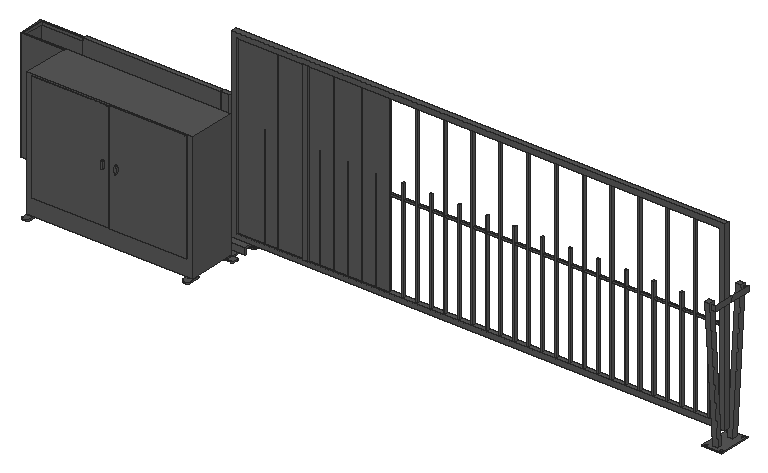
Revit family "11Construction_Fences-&-Traffic-Security_AutoGate_Islander-Pivot-Gates", category Specialty Equipment, Revit 2023
Family settings
  Round Connector Dimension = Use Diameter
  Part Type = Normal
  OmniClass Number = 23.25.40.21.21
  OmniClass Title = Gates
  Work Plane-Based = Yes
  Enable Cutting in Views = Yes
  Always vertical = Yes
  Cut with Voids When Loaded = No
  Maintain Annotation Orientation = No
  Shared = No
  Room Calculation Point = No
Parameters (values of type "Islander VPG with Finials")
  z_York Pad Clearance [instance] = and(Concrete Pad Min. Clearance, or(Yoke Option = 5, Yoke Option = 6, Yoke Option = 7))  # yes
  z_Yoke Pad 2 [instance] = if(Yoke Option = 5, 9.500", 5.500")  # 5.500"
  z_Yoke Pad 1 [instance] = if(Yoke Option = 5, 3.500", 7.500")  # 7.500"
  z_Vertical Profile Position [instance] = 6.250" + 2.000" * 6.5 + 2 * z_Distance Between Poles  # 28.8125"
  z_Type Index = 1
  z_Pole Height [instance] = Height - 7.000" - 2.000"  # 71.000"
  z_Distance Between Poles [instance] = (Length - 6.250" - 13.250" - 6.500" * (z_No of Poles - 1)) / (z_No of Poles - 1)  # 4.78125"
  z_No of Poles [instance] = roundup((Length - 6.250" - 13.250") / 11.500") + 1  # 17
  z_Mesh End Position [instance] = 6.250" + 5.000" * 6.5 + 5 * z_Distance Between Poles + 0.750"  # 63.40625"
  Yoke Options Note [instance] = "Hover over to see Yoke Options!\r\n0-None\r\n1-Style A – Post Mounted\r\n2-Style B – Post Mounted\r\n3-Style C – Offset Wall or Post Mounted\r\n4-Style D – Wall or Post Mounted\r\n5-Style DA5 – Pad Mounted\r\n6-Style E – Standard Pad Monted\r\n7-Style F – Gate Perpendicular to Wall\r\n8-Style G – Buried in the Ground\r\n9-Style H – Offset Wall or Post Mount \r\n10-Style Dual Split – Primary Reference – Used on 8” Plus Primary/Secondary Setups\r\n11-Style Dual Split – Secondary Reference – Used on 8” Plus Primary/Secondary Setups\r\n12-Style Dual Center – Used on shorter Primary/Secondary Setups"  # constant formula
  Yoke Option [instance] = 6
  Yoke Material [instance] = AutoGate - Steel - Powder Coated - Black
  Yoke [instance] = if(Yoke Option = 1, "Style A", if(Yoke Option = 2, "Style B", if(Yoke Option = 3, "Style C", if(Yoke Option = 4, "Style D", if(Yoke Option = 5, "Style DA5", if(Yoke Option = 6, "Style E", if(Yoke Option = 7, "Style F", if(Yoke Option = 8, "Style G", if(Yoke Option = 9, "Style H", if(Yoke Option = 10, "Style Dual Split - Primary Reference", if(Yoke Option = 11, "Style Dual Split - Secondary Reference", if(Yoke Option = 12, "Style Dual Center", "None"))))))))))))  # "Style E"
  Voltage [instance] = if([240VAC 1PH 20Amp], 240 V, 120 V)  # 120 V
  Version = 1  # constant formula
  URL = "https://www.autogate.com/"
  Righthand Gate [instance] = not(Lefthand Gate)  # no
  Rated Load Current [instance] = 20 A
  Product data url = "https://www.bimobject.com/en/autogate/product/islander-pivot-gates"
  Product Page URL = "https://www.autogate.com/vertical-pivot-gates/"
  Product Documentation Link = "https://www.itwredhead.com/portals/0/fmproductcatalog/documents/products/39/trubolttechnicaldata.pdf"
  Power Option [instance] = if([240VAC 1PH 20Amp], "240VAC 1PH 20Amp", "120VAC 1PH 20Amp")  # "120VAC 1PH 20Amp"
  Power Factor [instance] = 1
  Operator to Yoke Length [instance] = Length - 2.000" - 2.400"  # 195.600"
  Number of Poles [instance] = 1  # constant formula
  Model = if(z_Type Index = 2, "Islander - VPG w/o Finials", "Islander - VPG with Finials")  # "Islander - VPG with Finials"
  Lefthand Gate [instance] = yes
  Keynote = "323100"  # constant formula
  Installation instructions = "https://www.itwredhead.com/portals/0/fmproductcatalog/documents/products/95/truboltsubmittal-1.pdf"
  Geometry Note [instance] = "Geometry is generic and used for presentation only. User should contact MFR to create geometry as per wishes and local standards. User should also consult factory for gates over 8’ high as they require special crating and freight arrangements."  # constant formula
  Gate Operator Side Note [instance] = "Hover over to see Gate Operator Side Options!\r\nOptions are:\r\n - Lefthand\r\n - Righthand\r\nPlease Select correct option based on specific situation, for every instance in the project.\r\nHave in mind that left/right side is always defined looking from the Private Side of the gate.\r\nOperator maintenance doors are away in the Private Side."  # constant formula
  Operator Type [instance] = if(Lefthand Gate, "Lefthand VPG2490", "Righthand VPG2490")  # "Lefthand VPG2490"
  Operator Material [instance] = AutoGate - Steel - Powder Coated - Black
  Min Gate Length [instance] = 120.000"  # constant formula
  Min Gate Height [instance] = 48.000"  # constant formula
  Max Gate Length [instance] = 300.000"  # constant formula
  Max Gate Height [instance] = 96.000"  # constant formula
  Length Input [instance] = 200.000"
  Length [instance] = if(Length Input < Min Gate Length, Min Gate Length, if(Length Input > Max Gate Length, Max Gate Length, Length Input))  # 200.000"
  Height Input [instance] = 80.000"
  Height [instance] = if(Height Input < Min Gate Height, Min Gate Height, if(Height Input > Max Gate Height, Max Gate Height, Height Input))  # 80.000"
  Gate Material [instance] = AutoGate - Steel - Powder Coated - Black
  Manufacturer = "AutoGate"  # constant formula
  Fence Post OD Input [instance] = 0.000"
  Fence Post OD [instance] = if(or(Yoke Option = 1, Yoke Option = 2), Fence Post OD Input, 0.000")  # 0.000"
  Description = "Islander Vertcal Pivot Gate"  # constant formula
  Default Elevation = 0.000"
  Date Updated = "-"  # constant formula
  Date Created = "2025/09/15"  # constant formula
  Concrete Pad Min. Clearance [instance] = yes
  Barrier Screen Material [instance] = AutoGate - Steel Screen - Powder Coated - Black
  Assembly Code = "G2040100"
  Apparent Load [instance] = 0 VA
  240VAC 1PH 20Amp [instance] = no
  120VAC 1PH 20Amp [instance] = not([240VAC 1PH 20Amp])  # yes
Reference planes (in)
  plane 1 "Center (Front/Back)": y = 0
  plane 2: z = 0
  plane 3 "Center (Left/Right)": x = 0
  plane 4: x = -100
  plane 5: x = 100
  plane 6: z = 5
  plane 7: x = -71.1875
  plane 8: x = 98.625
  plane 9 "delete": z = 90
  plane 10: x = -36.59375
  plane 11: z = -36
  plane 12: y = 9
  plane 13: y = -9
  plane 14: x = 105.5
  plane 15: x = 92.5
  plane 16: y = 9.474
  plane 17: x = -173.5925
  plane 18: x = -91.5925
  plane 19: y = -38.526
  plane 20: z = 80
  plane 21: z = 7
  plane 22: z = 78
  plane 23: z = 42.5
  plane 24: x = -93.75
  plane 25: x = 86.75
Forms (in)
  Sweep 1, solid, material "AutoGate - Steel - Powder Coated - Black" <- "Gate Material", detail levels medium+fine
    path origin (0, 0, 0) x (1, 0, 0) y (0, 0, 1)
      loop
        line (-71.1875, 78) -> (-71.1875, 7)
    profile origin (-71.1875, 0, 42.5) x (0, -1, 0) y (1, 0, 0)
      loop
        line (-1, 2) -> (-1, 0) -> (1, 0) -> (1, 2) -> (-1, 2)
  Sweep 2, solid, material "AutoGate - Steel - Powder Coated - Black" <- "Gate Material"
    path origin (-106.3001, 0.375, 48) x (-1, 0, 0) y (0, 0, 1)
      loop
        line (-6.3001, 32) -> (-206.3001, 32) -> (-206.3001, -43) -> (-6.3001, -43) -> (-6.3001, 32)
    profile origin (0, 0.375, 80) x (0, 0, -1) y (0, 1, 0)
      loop
        line (0, -1.375) -> (2, -1.375) -> (2, 0.625) -> (0, 0.625) -> (0, -1.375)
  Extrusion 3, solid, material "AutoGate - Steel Screen - Powder Coated - Black" <- "Barrier Screen Material", detail levels medium+fine
    sketch origin (-117.28053, -180, -36) x (-1, 0, 0) y (0, -1, 0)
      loop
        line (-19.28053, -179.625) -> (-19.28053, -179.525) -> (-80.68678, -179.525) -> (-80.68678, -179.625) -> (-19.28053, -179.625)
    from 43 to 114
  Extrusion 4, solid, material "AutoGate - Steel - Powder Coated - Black" <- "Gate Material", detail levels coarse
    sketch origin (-106.3001, 0.375, 48) x (-1, 0, 0) y (0, 0, 1)
      loop
        line (-8.6801, 30) -> (-203.9201, 30) -> (-203.9201, -41) -> (-8.6801, -41) -> (-8.6801, 30)
    from -0.75 to 0
  Sweep 5, solid, material "AutoGate - Steel - Powder Coated - Black" <- "Gate Material", detail levels medium+fine
    path origin (-106.3001, 0.375, 48) x (-1, 0, 0) y (0, 0, 1)
      loop
        line (-204.3001, -5.5) -> (-8.3001, -5.5)
    profile origin (0, 0.375, 42.5) x (0, 0, 1) y (0, 1, 0)
      loop
        line (0.375, -0.75) -> (0.375, 0) -> (-0.375, 0) -> (-0.375, -0.75) -> (0.375, -0.75)
Lines and regions (in)
  Masking region 1
    outline origin (-116.90053, -180, -36) x (-1, 0, 0) y (0, -1, 0)
      loop
        line (-16.90053, -181) -> (-16.90053, -179) -> (-216.90053, -179) -> (-216.90053, -181) -> (-16.90053, -181)
  model lines, style "AutoGate_Concrete Pad Clearance", visible <- "z_York Pad Clearance"
    curve 1: line (105.5, 9, 0) -> (92.5, 9, 0)
    curve 2: line (105.5, -9, 0) -> (105.5, 9, 0)
    curve 3: line (92.5, -9, 0) -> (105.5, -9, 0)
    curve 4: line (92.5, 9, 0) -> (92.5, -9, 0)
    curve 13: line (105.5, 9, -36) -> (92.5, 9, -36)
    curve 14: line (92.5, 9, -36) -> (92.5, -9, -36)
    curve 15: line (92.5, -9, -36) -> (105.5, -9, -36)
    curve 16: line (105.5, -9, -36) -> (105.5, 9, -36)
    curve 21: line (92.5, 9, 0) -> (92.5, 9, -36)
    curve 22: line (92.5, -9, -36) -> (92.5, -9, 0)
    curve 23: line (105.5, 9, 0) -> (105.5, 9, -36)
    curve 24: line (105.5, -9, -36) -> (105.5, -9, 0)
  model lines, style "AutoGate_Concrete Pad Clearance", visible <- "Concrete Pad Min. Clearance"
    curve 5: line (-91.5925, 9.474, 0) -> (-173.5925, 9.474, 0)
    curve 6: line (-173.5925, -38.526, 0) -> (-173.5925, 9.474, 0)
    curve 7: line (-91.5925, -38.526, 0) -> (-173.5925, -38.526, 0)
    curve 8: line (-91.5925, 9.474, 0) -> (-91.5925, -38.526, 0)
    curve 9: line (-91.5925, 9.474, -36) -> (-173.5925, 9.474, -36)
    curve 10: line (-173.5925, -38.526, -36) -> (-173.5925, 9.474, -36)
    curve 11: line (-91.5925, -38.526, -36) -> (-173.5925, -38.526, -36)
    curve 12: line (-91.5925, 9.474, -36) -> (-91.5925, -38.526, -36)
    curve 17: line (-173.5925, 9.474, 0) -> (-173.5925, 9.474, -36)
    curve 18: line (-173.5925, -38.526, 0) -> (-173.5925, -38.526, -36)
    curve 19: line (-91.5925, -38.526, 0) -> (-91.5925, -38.526, -36)
    curve 20: line (-91.5925, 9.474, 0) -> (-91.5925, 9.474, -36)
Dimensions and locks (in)
  equal spacing: plane 5, plane 3 "Center (Left/Right)", plane 4
  "Length": plane 5 to plane 4
  locked: plane 6 to plane 2 at 5
  locked: Sweep 1 sketch curve to plane 6 at 2
  locked: plane 5 to plane 8 at 1.375
  "z_Vertical Profile Position": plane 7 to plane 4
  "z_Mesh End Position": plane 4 to plane 10
  locked: plane 4 to nested 2 at 2.3125
  locked: nested 2 to plane 1 "Center (Front/Back)" at 0.021
  nested 2 to nested 2 = 17.500"
  plane 2 to plane 11 = 36.000"
  locked: plane 16 to nested 2 at 3
  locked: plane 19 to plane 16 at 48
  locked: plane 17 to plane 18 at 82
  locked: plane 4 to plane 18 at 8.4075
  "z_Yoke Pad 1": plane 15 to plane 5
  "z_Yoke Pad 2": plane 5 to plane 14
  curve 3 to plane 1 "Center (Front/Back)" to curve 1 = 9.000" locked, 9.000" locked
  "Height": plane 20 to plane 2
  locked: Extrusion 3 to plane 4 at 2
  locked: Extrusion 4 sketch curve to plane 4 at 2.38
  locked: plane 5 to Extrusion 4 sketch curve at 2.38
  Extrusion 4 to plane 1 "Center (Front/Back)" to Extrusion 4 = 0.375" locked, 0.375" locked
  "z_Pole Height": plane 22 to plane 21
  locked: plane 20 to Sweep 1 sketch curve at 2
  locked: plane 1 "Center (Front/Back)" to Extrusion 3 sketch curve at 0.475
  locked: plane 21 to plane 2 at 7
  locked: plane 24 to plane 4 at 6.25
  locked: plane 5 to plane 25 at 13.25
  equal spacing: plane 20, plane 23, plane 6
  locked: Sweep 5 sketch curve to plane 4 at 2
  locked: plane 5 to Sweep 5 sketch curve at 2
  equal spacing: group 1, group 3, group 4, group 5, group 6, group 7, group 8, group 9, group 10, group 11, group 12, group 13, group 14, group 15, group 16, group 17, group 2  (x3)
  locked: plane 4 to Extrusion 3 at 2
  aligned and locked: level to plane 2
  aligned and locked: plane 7 to Sweep 1 sketch curve
  aligned and locked: plane 1 "Center (Front/Back)" to nested 1
  aligned and locked: nested 1 to plane 5
  aligned and locked: nested 1 to plane 2
  aligned and locked: plane 2 to nested 2
  aligned and locked: curve 2 to plane 14
  aligned and locked: curve 4 to plane 15
  aligned and locked: curve 5 to plane 16
  aligned and locked: curve 6 to plane 17
  aligned and locked: curve 7 to plane 19
  aligned and locked: curve 8 to plane 18
  aligned and locked: curve 9 to curve 5
  aligned and locked: curve 10 to plane 17
  aligned and locked: curve 11 to plane 19
  aligned and locked: curve 12 to plane 18
  aligned and locked: curve 13 to curve 1
  aligned and locked: curve 14 to curve 4
  aligned and locked: curve 15 to curve 3
  aligned and locked: curve 16 to curve 2
  aligned and locked: curve 17 to plane 16
  aligned and locked: curve 18 to plane 19
  aligned and locked: plane 19 to curve 19
  aligned and locked: plane 16 to curve 20
  aligned and locked: plane 12 to curve 21
  aligned and locked: curve 22 to plane 13
  aligned and locked: curve 23 to plane 12
  aligned and locked: curve 24 to plane 13
  aligned and locked: plane 4 to Sweep 2 sketch curve
  aligned and locked: Sweep 2 sketch curve to plane 20
  aligned and locked: Sweep 2 sketch curve to plane 6
  aligned and locked: Sweep 2 sketch curve to plane 5
  aligned and locked: plane 22 to Extrusion 4 sketch curve
  aligned and locked: Extrusion 4 sketch curve to plane 21
  aligned and locked: plane 10 to Extrusion 3  (x2)
  aligned and locked: plane 21 to Extrusion 3
  aligned and locked: Extrusion 3 to plane 22
  aligned and locked: plane 1 "Center (Front/Back)" to nested 3
  aligned and locked: nested 3 to plane 21
  aligned and locked: plane 23 to Sweep 5 sketch curve
  aligned and locked: nested 3 to plane 24
  aligned and locked: plane 25 to nested 4
  aligned and locked: nested 4 to plane 21
  aligned and locked: Masking region 1 sketch curve to plane 4
  aligned and locked: Masking region 1 sketch curve to plane 5
Automatic sketch dimensions
  Sweep 1 sketch curve to profile plane = 2.000"
  Sweep 1 sketch curve to plane 1 "Center (Front/Back)" = 1.000"
  plane 1 "Center (Front/Back)" to Sweep 1 sketch curve = 1.000"
  Sweep 1 sketch curve to Sweep 1 sketch curve = 2.000"
  curve 17 to plane 11 = 0.000"
  curve 18 to plane 11 = 0.000"
  curve 18 to level = 0.000"
  curve 17 to level = 0.000"
  curve 19 to plane 11 = 0.000"
  curve 20 to plane 11 = 0.000"
  curve 20 to level = 0.000"
  curve 19 to level = 0.000"
  curve 21 to plane 11 = 0.000"
  curve 22 to plane 11 = 0.000"
  curve 22 to level = 0.000"
  curve 21 to level = 0.000"
  curve 23 to plane 11 = 0.000"
  curve 24 to plane 11 = 0.000"
  curve 24 to level = 0.000"
  curve 23 to level = 0.000"
  Extrusion 3 sketch curve to plane 10 = 0.000"
  plane 1 "Center (Front/Back)" to Extrusion 3 sketch curve = 0.375"
  Sweep 2 sketch curve to profile plane = 0.000"
  Sweep 2 sketch curve to profile plane = 2.000"
  Sweep 2 sketch curve to profile plane = 1.375"
  profile plane to Sweep 2 sketch curve = 0.625"
  plane 4 to Extrusion 3 sketch curve = 2.000"
  profile plane to Sweep 5 sketch curve = 0.375"
  Sweep 5 sketch curve to Sweep 5 sketch curve = 0.750"  (x2)
  Sweep 5 sketch curve to profile plane = 0.750"
  Masking region 1 sketch curve to plane 1 "Center (Front/Back)" = 1.000"
  plane 1 "Center (Front/Back)" to Masking region 1 sketch curve = 1.000"
Nested families (in)
  nested 1: "Yoke" at (100, 0, 0), Fence Post O.D. Input <- "Fence Post OD", type "Yoke"
    with Halfback Out Dia 6.250", Halfback Offset 3.000", Halfback Length B 8.094", Halfback Length A 7.500", Halfback Dia 6.000", Fence Post O.D. Input 0.000", Fence Height 80.000"
  nested 2: "Gate Operator" at (-97.5925, -23.956, 0), type "Gate Operator"
  nested 3: "Poles" at (-93.75, 0, 7), type "Poles", detail levels medium+fine
    with Height 2 41.500", Height 71.000"
  nested 4: "Poles" at (86.75, 0, 7), type "Poles", detail levels medium+fine
    with Height 2 41.500", Height 71.000"
  nested 5: "Poles" at (-82.46875, 0, 7), type "Poles", detail levels medium+fine
    with Height 2 41.500", Height 71.000"
  nested 6: "Poles" at (-71.1875, 0, 7), type "Poles", detail levels medium+fine
    with Height 2 41.500", Height 71.000"
  nested 7: "Poles" at (-59.90625, 0, 7), type "Poles", detail levels medium+fine
    with Height 2 41.500", Height 71.000"
  nested 8: "Poles" at (-48.625, 0, 7), type "Poles", detail levels medium+fine
    with Height 2 41.500", Height 71.000"
  nested 9: "Poles" at (-37.34375, 0, 7), type "Poles", detail levels medium+fine
    with Height 2 41.500", Height 71.000"
  nested 10: "Poles" at (-26.0625, 0, 7), type "Poles", detail levels medium+fine
    with Height 2 41.500", Height 71.000"
  nested 11: "Poles" at (-14.78125, 0, 7), type "Poles", detail levels medium+fine
    with Height 2 41.500", Height 71.000"
  nested 12: "Poles" at (-3.5, 0, 7), type "Poles", detail levels medium+fine
    with Height 2 41.500", Height 71.000"
  nested 13: "Poles" at (7.78125, 0, 7), type "Poles", detail levels medium+fine
    with Height 2 41.500", Height 71.000"
  nested 14: "Poles" at (19.0625, 0, 7), type "Poles", detail levels medium+fine
    with Height 2 41.500", Height 71.000"
  nested 15: "Poles" at (30.34375, 0, 7), type "Poles", detail levels medium+fine
    with Height 2 41.500", Height 71.000"
  nested 16: "Poles" at (41.625, 0, 7), type "Poles", detail levels medium+fine
    with Height 2 41.500", Height 71.000"
  nested 17: "Poles" at (52.90625, 0, 7), type "Poles", detail levels medium+fine
    with Height 2 41.500", Height 71.000"
  nested 18: "Poles" at (64.1875, 0, 7), type "Poles", detail levels medium+fine
    with Height 2 41.500", Height 71.000"
  nested 19: "Poles" at (75.46875, 0, 7), type "Poles", detail levels medium+fine
    with Height 2 41.500", Height 71.000"
Connectors (in)
  electrical at (-164.7675, -14.206, 26.4637), driven by "Number of Poles", driven by "Voltage", driven by "Power Factor", driven by "Apparent Load"
    settings: on nested 2, index 1, voltage 120 V, apparent load 0 VA, apparent load phase1 0 VA, apparent load phase2 0 VA, apparent load phase3 0 VA, power factor 1, load classification "Power", number of poles 1, system type 31, power factor state 1, is connector primary yes, connector utility no, sub classification motor no, connector description "Power"
Definition of nested family "Yoke"
  Parameters (values of type "Yoke")
    Void Bottom G = if(Type_Index = 8, 0.000", 3.000")  # 3.000"
    Void E_F_G = if(or(Type_Index = 6, Type_Index = 7, Type_Index = 8, Type_Index = 6), 0.250", 0.000")  # 0.250"
    Void DA5 = if(Type_Index = 5, 0.250", 0.000")  # 0.000"
    Void D = if(Type_Index = 4, 2.500", 1.000")  # 1.000"
    Void Bottom = if(or(Type_Index = 6, Type_Index = 7, Type_Index = 8), 4.000", if(Type_Index = 8, 2.000", 0.000"))  # 4.000"
    Top Br Offset B_F = if(Type_Index = 7, 5.131", 5.250")  # 5.250"
    Top Br B_F = if(or(Type_Index = 2, Type_Index = 7), 1 = 1, 1 = 0)  # no
    Top Br A_D_DA5_E_G = if(or(Type_Index = 1, Type_Index = 4, Type_Index = 5, Type_Index = 6, Type_Index = 8), 1 = 1, 1 = 0)  # yes
    Post R-F = if(Type_Index = 7, 1 = 1, 1 = 0)  # no
    Post R = if(or(Type_Index = 1, Type_Index = 4, Type_Index = 5, Type_Index = 6, Type_Index = 8), 1 = 1, 1 = 0)  # yes
    Halfback Out Dia [instance] = if(A, Halfback Dia + 0.220", Halfback Dia + 0.250")  # 6.250"
    H = if(Type_Index = 9, 1 = 1, 1 = 0)  # no
    Post L = if(or(Type_Index = 0, Type_Index = 10, Type_Index > 9), 1 = 0, 1 = 1)  # yes
    Halfback Length B [instance] = Halfback Dia + 2.094"  # 8.094"
    Halfback Length A [instance] = Halfback Dia + 1.500"  # 7.500"
    G = if(Type_Index = 8, 1 = 1, 1 = 0)  # no
    F = if(Type_Index = 7, 1 = 1, 1 = 0)  # no
    E = if(Type_Index = 6, 1 = 1, 1 = 0)  # yes
    DS_P = if(Type_Index = 11, 1 = 1, 1 = 0)  # no
    DS_S = if(Type_Index = 10, 1 = 1, 1 = 0)  # no
    DC_DS = or(DS_S, DC, DS_P)  # no
    DC = if(Type_Index = 12, 1 = 1, 1 = 0)  # no
    B = if(Type_Index = 2, 1 = 1, 1 = 0)  # no
    Halfback Offset [instance] = Halfback Dia / 2  # 3.000"
    A = if(Type_Index = 1, 1 = 1, 1 = 0)  # no
    DA5 = if(Type_Index = 5, 1 = 1, 1 = 0)  # no
    Bottom Plate Offset = if(Type_Index = 5, 1.000", if(or(Type_Index = 6, Type_Index = 7), 5.000", 0.000"))  # 5.000"
    Bottom Plate = if(or(Type_Index = 5, Type_Index = 6, Type_Index = 7), 1 = 1, 1 = 0)  # yes
    C = if(Type_Index = 3, 1 = 1, 1 = 0)  # no
    Bottom Br A_D_DA5 = if(or(Type_Index = 1, Type_Index = 4, Type_Index = 5), 1 = 1, 1 = 0)  # no
    Halfback Dia [instance] = if(and(A, Fence Post O.D. Input < 2.000"), 2.000", if(and(A, Fence Post O.D. Input > 8.000"), 8.000", if(A, Fence Post O.D. Input, if(and(B, Fence Post O.D. Input < 2.000"), 2.020", if(and(B, Fence Post O.D. Input > 8.000"), 8.020", if(B, Fence Post O.D. Input + 0.020", 6.000"))))))  # 6.000"
    Type_Index = 6
    Material = none
    Fence Post O.D. Input [instance] = 0.000"
    Fence Height = 84.000"
    Default Elevation = 0.000"
  Reference planes (in)
    plane 1 "Center (Front/Back)": y = 0
    plane 2: z = 0
    plane 3 "Center (Left/Right)": x = 0
    plane 4: z = 54.5
    plane 5: x = -2
    plane 6: z = 0.25
    plane 7: x = -4
    plane 8: x = -6
    plane 9: z = 54
    plane 10: z = 52
    plane 11: y = -8.25
    plane 12: y = 8.25
    plane 13: x = 2
    plane 14: z = 9
    plane 15: z = 11
    plane 16: y = -5.25
    plane 17: y = 5.25
    plane 18: x = 5
    plane 19: y = 3.75
    plane 20: y = -3.75
    plane 21: z = 54.125
    plane 22: z = 51.875
    plane 23: z = 11.125
    plane 24: z = 8.875
    plane 25: y = -4.949
    plane 26: x = 1.5
    plane 27: x = 1.75
    plane 28: y = 8.25
    plane 29: x = 4.047
    plane 30: x = -4.047
    plane 31: x = 1
    plane 32: x = 2
    plane 33: x = 4
    plane 34: x = 2.875
    plane 35: x = 3.125
    plane 36: z = 0
    plane 37: z = -0.25
    plane 38: x = -5
    plane 39: z = 0.25
    plane 40: z = 0
    plane 41: z = 0.5
    plane 42: x = -3
    plane 43: x = -5
    plane 44: z = -36
    plane 45: z = 5
    plane 46: z = 44.5
    plane 47: z = 84
    plane 48: z = 35.69506
    plane 49: z = 33.29506
    plane 50: z = 53.30494
    plane 51: z = 55.70494
    plane 52: z = 62.5
    plane 53: z = 26.5
    plane 54: z = 12.875
    plane 55: z = 76.125
  Forms (in)
    Extrusion 1, solid, material <- "Material", visible <- "Post L"
      sketch origin (0, 0, 0) x (0, 1, 0) y (0, 0, 1)
        loop
          line (-6.73765, 54.5) -> (-8.73277, 54.36049) -> (-4.949, 0.25) -> (-2.94412, 0.25) -> (-6.73765, 54.5)
      from -2 to 0
    Extrusion 2, solid, material <- "Material", visible <- "Post R"
      sketch origin (0, 0, 0) x (0, -1, 0) y (0, 0, -1)
        loop
          line (-6.73808, -54.5) -> (-2.94455, -0.25) -> (-4.94944, -0.25) -> (-8.73321, -54.36049) -> (-6.73808, -54.5)
      from -2 to 0
    Extrusion 3, void
      sketch origin (0, 0, 0) x (0, 1, 0) y (0, 0, 1)
        loop
          line (-3.28646, 5.13951) -> (-5.28159, 5) -> (-5.28159, 0) -> (5.28159, 0) -> (5.28159, 5) -> (3.28646, 5.13951) -> (-3.28646, 5.13951)
      from -4 to -6
    Extrusion 4, solid, material <- "Material", visible <- "Top Br A_D_DA5_E_G"
      sketch origin (0, 0, 0) x (1, 0, 0) y (0, 1, 0)
        loop
          line (0, -8) -> (0, -8.25) -> (2, -8.25) -> (2, 0) -> (2, 8.25) -> (0, 8.25) -> (0, 8) -> (1.75, 8) -> (1.75, 0) -> (1.75, -8) -> (0, -8)
      from 52 to 54
    Extrusion 5, solid, material <- "Material", visible <- "Bottom Br A_D_DA5"
      sketch origin (0, 0, 0) x (1, 0, 0) y (0, 1, 0)
        loop
          line (0, -5) -> (0, -5.25) -> (2, -5.25) -> (2, 0) -> (2, 5.25) -> (0, 5.25) -> (0, 5) -> (1.75, 5) -> (1.75, 0) -> (1.75, -5) -> (0, -5)
      from 9 to 11
    Extrusion 6, solid, material <- "Material", visible <- "A"
      sketch origin (0, 0, 0) x (1, 0, 0) y (0, 1, 0)
        loop
          line (4.72637, 2.9766) -> (4.72637, 3.75) -> (4.63262, 3.75) -> (4.63262, 3.0898)
          arc (4.63262, 3.0898) -> (1.97537, 0) -> (4.63262, -3.0898) r 3.125
          line (4.63262, -3.0898) -> (4.63262, -3.75) -> (4.72637, -3.75) -> (4.72637, -2.9766)
          arc (4.72637, -2.9766) -> (2.10037, 0) -> (4.72637, 2.9766) r 3
        loop
          line (5.27363, -2.9766) -> (5.27363, -3.75) -> (5.36738, -3.75) -> (5.36738, -3.0898)
          arc (5.36738, -3.0898) -> (8.02463, 0) -> (5.36738, 3.0898) r 3.125
          line (5.36738, 3.0898) -> (5.36738, 3.75) -> (5.27363, 3.75) -> (5.27363, 2.9766)
          arc (5.27363, 2.9766) -> (7.89963, 0) -> (5.27363, -2.9766) r 3
      from 51.875 to 54.125
    Extrusion 7, solid, material <- "Material", visible <- "A"
      sketch origin (0, 0, -20) x (1, 0, 0) y (0, 1, 0)
        loop
          line (4.72637, 2.9766) -> (4.72637, 3.75) -> (4.63262, 3.75) -> (4.63262, 3.0898)
          arc (4.63262, 3.0898) -> (1.97537, 0) -> (4.63262, -3.0898) r 3.125
          line (4.63262, -3.0898) -> (4.63262, -3.75) -> (4.72637, -3.75) -> (4.72637, -2.9766)
          arc (4.72637, -2.9766) -> (2.10037, 0) -> (4.72637, 2.9766) r 3
        loop
          line (5.27363, -2.9766) -> (5.27363, -3.75) -> (5.36738, -3.75) -> (5.36738, -3.0898)
          arc (5.36738, -3.0898) -> (8.02463, 0) -> (5.36738, 3.0898) r 3.125
          line (5.36738, 3.0898) -> (5.36738, 3.75) -> (5.27363, 3.75) -> (5.27363, 2.9766)
          arc (5.27363, 2.9766) -> (7.89963, 0) -> (5.27363, -2.9766) r 3
      from 28.875 to 31.125
    Extrusion 8, solid, material <- "Material", visible <- "B"
      sketch origin (0, 0, 0) x (0, 1, 0) y (0, 0, 1)
        loop
          line (-1, 54) -> (-1, 9) -> (1, 9) -> (1, 54) -> (-1, 54)
      from 1.5 to 1.75
    Extrusion 9, solid, material <- "Material", visible <- "Top Br B_F"
      sketch origin (0, 0, 0) x (1, 0, 0) y (0, 1, 0)
        loop
          line (0, -7.24946) -> (2, -7.24946) -> (2, 5.25) -> (0, 5.25) -> (0, 5) -> (1.75, 5) -> (1.75, -6.99946) -> (0, -6.99946) -> (0, -7.24946)
      from 52 to 54
    Extrusion 10, solid, material <- "Material", visible <- "B"
      sketch origin (0, 0, 0) x (1, 0, 0) y (0, 1, 0)
        loop
          line (0, -5.25) -> (2, -5.25) -> (2, 5.25) -> (0, 5.25) -> (0, 5) -> (1.75, 5) -> (1.75, -5) -> (0, -5) -> (0, -5.25)
      from 9 to 11
    Extrusion 11, solid, material <- "Material", visible <- "B"
      sketch origin (0, 0, 0) x (1, 0, 0) y (0, 1, 0)
        loop
          arc (3.06198, 8.74037) -> (0, 11.24094) -> (-3.06198, 8.74037) r 3.125
          line (-3.06198, 8.74037) -> (-4.047, 8.74037) -> (-4.047, 8.61537) -> (-2.95814, 8.61537)
          arc (-2.95814, 8.61537) -> (0, 11.11594) -> (2.95814, 8.61537) r 3
          line (2.95814, 8.61537) -> (4.047, 8.61537) -> (4.047, 8.74037) -> (3.06198, 8.74037)
        loop
          arc (-3.06176, 7.75963) -> (0, 5.26014) -> (3.06176, 7.75963) r 3.125
          line (3.06176, 7.75963) -> (4.047, 7.75963) -> (4.047, 7.88463) -> (2.95795, 7.88463)
          arc (2.95795, 7.88463) -> (0, 5.38514) -> (-2.95795, 7.88463) r 3
          line (-2.95795, 7.88463) -> (-4.047, 7.88463) -> (-4.047, 7.75963) -> (-3.06176, 7.75963)
      from 51.875 to 54.125
    Extrusion 12, solid, material <- "Material", visible <- "B"
      sketch origin (0, 0, 0) x (1, 0, 0) y (0, 1, 0)
        loop
          arc (3.06198, 8.74037) -> (0, 11.24094) -> (-3.06198, 8.74037) r 3.125
          line (-3.06198, 8.74037) -> (-4.047, 8.74037) -> (-4.047, 8.61537) -> (-2.95814, 8.61537)
          arc (-2.95814, 8.61537) -> (0, 11.11594) -> (2.95814, 8.61537) r 3
          line (2.95814, 8.61537) -> (4.047, 8.61537) -> (4.047, 8.74037) -> (3.06198, 8.74037)
        loop
          arc (-3.06176, 7.75963) -> (0, 5.26014) -> (3.06176, 7.75963) r 3.125
          line (3.06176, 7.75963) -> (4.047, 7.75963) -> (4.047, 7.88463) -> (2.95795, 7.88463)
          arc (2.95795, 7.88463) -> (0, 5.38514) -> (-2.95795, 7.88463) r 3
          line (-2.95795, 7.88463) -> (-4.047, 7.88463) -> (-4.047, 7.75963) -> (-3.06176, 7.75963)
      from 8.875 to 11.125
    Extrusion 13, void
      sketch origin (0, 0, 0) x (0, 1, 0) y (0, 0, 1)
        loop
          circle (-0.49956, 53.5) r 0.1405
        loop
          circle (0.50044, 52.5) r 0.1405
        loop
          circle (-0.49956, 10.5) r 0.1405
        loop
          circle (0.50044, 9.5) r 0.1405
      from 0 to 1
    Extrusion 14, solid, material <- "Material", visible <- "DA5"
      sketch origin (0, 0, 0) x (0, 1, 0) y (0, 0, 1)
        loop
          line (-6.73765, 54.5) -> (-8.73277, 54.36049) -> (-5.28115, 5.00003) -> (-3.28603, 5.13954) -> (-6.73765, 54.5)
        loop
          line (6.73765, 54.5) -> (3.28603, 5.13954) -> (5.28115, 5.00003) -> (8.73277, 54.36049) -> (6.73765, 54.5)
      from 2 to 4
    Extrusion 15, solid, material <- "Material", visible <- "DA5"
      sketch origin (0, 0, 0) x (1, 0, 0) y (0, 1, 0)
        loop
          line (2, -8) -> (0.25, -8) -> (0.25, 0) -> (0.25, 8) -> (2, 8) -> (2, 8.25) -> (0, 8.25) -> (0, 0) -> (0, -8.25) -> (2, -8.25) -> (2, -8)
      from 52 to 54
    Extrusion 16, solid, material <- "Material", visible <- "DA5"
      sketch origin (0, 0, 0) x (1, 0, 0) y (0, 1, 0)
        loop
          line (2, -5) -> (0.25, -5) -> (0.25, 0) -> (0.25, 5) -> (2, 5) -> (2, 5.25) -> (0, 5.25) -> (0, 0) -> (0, -5.25) -> (2, -5.25) -> (2, -5)
      from 9 to 11
    Extrusion 17, solid, material <- "Material", visible <- "DA5"
      sketch origin (0, 0, 0) x (1, 0, 0) y (0, 1, 0)
        loop
          arc (2.375, 1.99746) -> (2.10983, 1.88762) -> (2, 1.62246) r 0.375
          line (2, 1.62246) -> (2, -1.62246)
          arc (2, -1.62246) -> (2.10983, -1.88762) -> (2.375, -1.99746) r 0.375
          line (2.375, -1.99746) -> (3.625, -1.99746)
          arc (3.625, -1.99746) -> (3.89017, -1.88762) -> (4, -1.62246) r 0.375
          line (4, -1.62246) -> (4, 1.62246)
          arc (4, 1.62246) -> (3.89017, 1.88762) -> (3.625, 1.99746) r 0.375
          line (3.625, 1.99746) -> (2.375, 1.99746)
      from 0.25 to 54.5
    Extrusion 18, solid, material <- "Material", visible <- "Bottom Plate"
      sketch origin (0, 0, 0) x (1, 0, 0) y (0, 1, 0)
        loop
          line (3, 6.5) -> (-5, 6.5) -> (-5, -6.5) -> (3, -6.5) -> (3, 6.5)
      from 0 to 0.25
    Extrusion 19, solid, material <- "Material", visible <- "DA5"
      sketch origin (0, 0, 0) x (0, 1, 0) y (0, 0, 1)
        loop
          line (-2, 4.5) -> (-4.25, 2.25) -> (-4.25, 0.25) -> (-2, 0.25) -> (-2, 4.5)
        loop
          line (4.25, 0.25) -> (4.25, 2.25) -> (2, 4.5) -> (2, 0.25) -> (4.25, 0.25)
      from 2.875 to 3.125
    Extrusion 20, void
      sketch origin (0, 0, 0) x (1, 0, 0) y (0, 1, 0)
        loop
          circle (0, 0) r 0.3125
        loop
          circle (6, 0) r 0.3125
        loop
          circle (3, 5.5) r 0.3125
        loop
          circle (3, -5.5) r 0.3125
      from -0.25 to 0
    Extrusion 21, void
      sketch origin (0, 0, 0) x (1, 0, 0) y (0, 1, 0)
        loop
          circle (-4, 5.5) r 0.406
        loop
          circle (2, 5.5) r 0.406
        loop
          circle (2, -5.5) r 0.406
        loop
          circle (-4, -5.5) r 0.406
      from 0 to 0.25
    Extrusion 22, solid, material <- "Material", visible <- "Post R-F"
      sketch origin (0, 0, 0) x (0, 1, 0) y (0, 0, 1)
        loop
          line (4.00044, 54.5) -> (4.00044, 0.25) -> (6.00044, 0.25) -> (6.00044, 54.5) -> (4.00044, 54.5)
      from -2 to 0
    Extrusion 23, solid, material <- "Material", visible <- "H"
      sketch origin (0, 0, 0) x (0, 1, 0) y (0, 0, 1)
        loop
          line (4.00044, 54) -> (4.00044, 9) -> (6.00044, 9) -> (6.00044, 54) -> (4.00044, 54)
      from 1.5 to 1.75
    Extrusion 24, solid, material <- "Material", visible <- "H"
      sketch origin (0, 0, 0) x (1, 0, 0) y (0, 1, 0)
        loop
          line (0, -7.25) -> (2, -7.25) -> (2, 9.25) -> (-2.25, 9.25) -> (-2.25, 9) -> (1.75, 9) -> (1.75, -7) -> (0, -7) -> (0, -7.25)
      from 52 to 54
    Extrusion 25, solid, material <- "Material", visible <- "H"
      sketch origin (0, 0, 0) x (1, 0, 0) y (0, 1, 0)
        loop
          line (-2.25, 9) -> (1.75, 9) -> (1.75, -5) -> (0, -5) -> (0, -5.25) -> (2, -5.25) -> (2, 9.25) -> (-2.25, 9.25) -> (-2.25, 9)
      from 9 to 11
    Extrusion 26, void
      sketch origin (0, 0, 0) x (0, 1, 0) y (0, 0, 1)
        loop
          line (-5.25, 0) -> (5.25, 0) -> (5.25, 0.5) -> (-5.25, 0.5) -> (-5.25, 0)
      from -5 to -3
    Extrusion 27, solid, material <- "Material", visible <- "G"
      sketch origin (0, 0, 0) x (0, 1, 0) y (0, 0, 1)
        loop
          line (5.25, 0.5) -> (-5.25, 0.5) -> (-5.25, 0) -> (5.25, 0) -> (5.25, 0.5)
      from -5 to -3
    Extrusion 28, solid, material <- "Material", visible <- "G"
      sketch origin (0, 0, 0) x (1, 0, 0) y (0, 1, 0)
        loop
          line (-5, 1) -> (-5, -1) -> (0, -1) -> (0, 1) -> (-5, 1)
      from -36 to 0
    Extrusion 29, solid, material <- "Material", visible <- "G"
      sketch origin (0, 0, 0) x (0, 1, 0) y (0, 0, 1)
        loop
          line (-3.99956, -28.73012) -> (-3.99956, -29.48012) -> (4.00044, -29.48012) -> (4.00044, -28.73012) -> (-3.99956, -28.73012)
      from -5.75 to -5
    Extrusion 30, solid, material <- "Material", visible <- "C"
      sketch origin (0, 0, 0) x (1, 0, 0) y (0, 1, 0)
        loop
          line (0, -7.24999) -> (2, -7.24999) -> (2, 4.75) -> (6, 4.75) -> (6, 5) -> (1.75, 5) -> (1.75, -6.99999) -> (0, -6.99999) -> (0, -7.24999)
      from 52 to 54
    Extrusion 31, solid, material <- "Material", visible <- "C"
      sketch origin (0, 0, 0) x (1, 0, 0) y (0, 1, 0)
        loop
          line (2, 4.75) -> (6, 4.75) -> (6, 5) -> (1.75, 5) -> (1.75, -5) -> (0, -5) -> (0, -5.25) -> (2, -5.25) -> (2, 4.75)
      from 9 to 11
    Extrusion 32, solid, material <- "Material", visible <- "DC"
      sketch origin (0, 0, 0) x (1, 0, 0) y (0, 1, 0)
        loop
          line (1.6, 3.25) -> (0, 3.25) -> (0, -3.25) -> (1.6, -3.25) -> (1.6, -3.05) -> (0.2, -3.05) -> (0.2, 3.05) -> (1.6, 3.05) -> (1.6, 3.25)
      from 33.29506 to 35.69506
    Extrusion 33, solid, material <- "Material", visible <- "DC"
      sketch origin (0, 0, 0) x (1, 0, 0) y (0, 1, 0)
        loop
          line (-3.4, 3.25) -> (-5, 3.25) -> (-5, -3.25) -> (-3.4, -3.25) -> (-3.4, -3.05) -> (-4.8, -3.05) -> (-4.8, 3.05) -> (-3.4, 3.05) -> (-3.4, 3.25)
      from 53.30494 to 55.70494
    Sweep 34, solid, material <- "Material", visible <- "DC"
      path origin (0, 0, 0) x (0, 1, 0) y (0, 0, 1)
        loop
          line (4.52916, 62.5) -> (3.05, 56.5) -> (3.05, 32.5) -> (4.52916, 26.5)
      profile origin (0, 3.05, 44.5) x (1, 0, 0) y (0, 1, 0)
        loop
          line (3.2, 0) -> (3.2, 0.875) -> (3.1, 0.875) -> (3.1, 0.1) -> (1.7, 0.1) -> (1.7, 0.875) -> (1.6, 0.875) -> (1.6, 0) -> (3.2, 0)
    Sweep 35, solid, material <- "Material", visible <- "DC"
      path origin (0, 0, 0) x (0, 1, 0) y (0, 0, 1)
        loop
          line (-4.52916, 62.5) -> (-3.05, 56.5) -> (-3.05, 32.5) -> (-4.52916, 26.5)
      profile origin (0, -3.05, 44.5) x (1, 0, 0) y (0, 1, 0)
        loop
          line (3.2, 0) -> (1.6, 0) -> (1.6, -0.875) -> (1.7, -0.875) -> (1.7, -0.1) -> (3.1, -0.1) -> (3.1, -0.875) -> (3.2, -0.875) -> (3.2, 0)
    Extrusion 36, solid, material <- "Material", visible <- "DS_S"
      sketch origin (0, 0, 0) x (1, 0, 0) y (0, 1, 0)
        loop
          line (1.6, 3.25) -> (0, 3.25) -> (0, -3.25) -> (1.6, -3.25) -> (1.6, -3.05) -> (0.2, -3.05) -> (0.2, 3.05) -> (1.6, 3.05) -> (1.6, 3.25)
      from 11.275 to 14.475
    Sweep 37, solid, material <- "Material", visible <- "DS_S"
      path origin (0, 0, 0) x (0, 1, 0) y (0, 0, 1)
        loop
          line (4.30729, 20.75) -> (3.05, 15.65) -> (3.05, 10.1) -> (4.30729, 5)
      profile origin (0, 3.05, 12.875) x (1, 0, 0) y (0, 1, 0)
        loop
          line (1.6, 0) -> (3.2, 0) -> (3.2, 0.875) -> (3.1, 0.875) -> (3.1, 0.1) -> (1.7, 0.1) -> (1.7, 0.875) -> (1.6, 0.875) -> (1.6, 0)
    Sweep 38, solid, material <- "Material", visible <- "DS_S"
      path origin (0, 0, 0) x (0, 1, 0) y (0, 0, 1)
        loop
          line (-4.30729, 20.75) -> (-3.05, 15.65) -> (-3.05, 10.1) -> (-4.30729, 5)
      profile origin (0, -3.05, 12.875) x (1, 0, 0) y (0, 1, 0)
        loop
          line (1.6, -0.875) -> (1.7, -0.875) -> (1.7, -0.1) -> (3.1, -0.1) -> (3.1, -0.875) -> (3.2, -0.875) -> (3.2, 0) -> (1.6, 0) -> (1.6, -0.875)
    Extrusion 39, solid, material <- "Material", visible <- "DS_P"
      sketch origin (0, 0, 0) x (1, 0, 0) y (0, 1, 0)
        loop
          line (1.6, 3.25) -> (0, 3.25) -> (0, -3.25) -> (1.6, -3.25) -> (1.6, -3.05) -> (0.2, -3.05) -> (0.2, 3.05) -> (1.6, 3.05) -> (1.6, 3.25)
      from 74.525 to 77.725
    Sweep 40, solid, material <- "Material", visible <- "DS_P"
      path origin (0, 0, 0) x (0, 1, 0) y (0, 0, 1)
        loop
          line (4.30729, 68.25) -> (3.05, 73.35) -> (3.05, 78.9) -> (4.30729, 84)
      profile origin (0, 3.05, 76.125) x (0, -1, 0) y (1, 0, 0)
        loop
          line (-0.875, 3.2) -> (-0.875, 3.1) -> (-0.1, 3.1) -> (-0.1, 1.7) -> (-0.875, 1.7) -> (-0.875, 1.6) -> (0, 1.6) -> (0, 3.2) -> (-0.875, 3.2)
    Sweep 41, solid, material <- "Material", visible <- "DS_P"
      path origin (0, 0, 0) x (0, 1, 0) y (0, 0, 1)
        loop
          line (-4.30729, 68.25) -> (-3.05, 73.35) -> (-3.05, 78.9) -> (-4.30729, 84)
      profile origin (0, -3.05, 76.125) x (0, -1, 0) y (1, 0, 0)
        loop
          line (0.875, 1.6) -> (0.875, 1.7) -> (0.1, 1.7) -> (0.1, 3.1) -> (0.875, 3.1) -> (0.875, 3.2) -> (0, 3.2) -> (0, 1.6) -> (0.875, 1.6)
  Cuts and joins
    Extrusion 3, Extrusion 26 cuts Extrusion 1
    Extrusion 3, Extrusion 26 cuts Extrusion 2
    Extrusion 13 cuts Extrusion 4
    Extrusion 13 cuts Extrusion 5
    Extrusion 20, Extrusion 21 cuts Extrusion 18
  Lines and regions (in)
    Masking region 1, visible <- "Top Br A_D_DA5_E_G"
      outline origin (0, 0, 0) x (1, 0, 0) y (0, 1, 0)
        loop
          line (0, 8) -> (1.75, 8) -> (1.75, 0) -> (1.75, -8) -> (0, -8) -> (0, -8.25) -> (2, -8.25) -> (2, 0) -> (2, 8.25) -> (0, 8.25) -> (0, 8)
    Masking region 2, visible <- "Top Br A_D_DA5_E_G"
      outline origin (0, 0, 0) x (1, 0, 0) y (0, 1, 0)
        loop
          line (0, -5) -> (0, -5.25) -> (1.75, -5.25) -> (1.75, -5) -> (0, -5)
        loop
          line (1.75, 5) -> (1.75, 5.25) -> (0, 5.25) -> (0, 5) -> (1.75, 5)
    Masking region 3, visible <- "Post R"
      outline origin (0, 0, 0) x (1, 0, 0) y (0, 1, 0)
        loop
          line (-2, 8.73321) -> (-2, 6.73808) -> (0, 6.73808) -> (0, 8.73321) -> (-2, 8.73321)
    Masking region 4, visible <- "Post R"
      outline origin (0, 0, 0) x (1, 0, 0) y (0, 1, 0)
        loop
          line (-2, 3.28646) -> (0, 3.28646) -> (0, 6.73808) -> (-2, 6.73808) -> (-2, 3.28646)
    Masking region 5, visible <- "Post L"
      outline origin (0, 0, 0) x (1, 0, 0) y (0, 1, 0)
        loop
          line (-2, -8.73321) -> (0, -8.73321) -> (0, -6.73808) -> (-2, -6.73808) -> (-2, -8.73321)
    Masking region 6, visible <- "Post L"
      outline origin (0, 0, 0) x (1, 0, 0) y (0, 1, 0)
        loop
          line (0, -6.73808) -> (0, -3.28603) -> (-2, -3.28603) -> (-2, -6.73808) -> (0, -6.73808)
    Masking region 7, visible <- "A"
      outline origin (0, 0, 0) x (1, 0, 0) y (0, 1, 0)
        loop
          line (4.72637, 2.9766) -> (4.72637, 3.75) -> (4.63262, 3.75) -> (4.63262, 3.0898)
          arc (4.63262, 3.0898) -> (1.97537, 0) -> (4.63262, -3.0898) r 3.125
          line (4.63262, -3.0898) -> (4.63262, -3.75) -> (4.72637, -3.75) -> (4.72637, -2.9766)
          arc (4.72637, -2.9766) -> (2.10037, 0) -> (4.72637, 2.9766) r 3
        loop
          line (5.27363, -2.9766) -> (5.27363, -3.75) -> (5.36738, -3.75) -> (5.36738, -3.0898)
          arc (5.36738, -3.0898) -> (8.02463, 0) -> (5.36738, 3.0898) r 3.125
          line (5.36738, 3.0898) -> (5.36738, 3.75) -> (5.27363, 3.75) -> (5.27363, 2.9766)
          arc (5.27363, 2.9766) -> (7.89963, 0) -> (5.27363, -2.9766) r 3
    Masking region 8, visible <- "Top Br B_F"
      outline origin (0, 0, 0) x (1, 0, 0) y (0, 1, 0)
        loop
          line (0, -7.24946) -> (2, -7.24946) -> (2, 5.25) -> (0, 5.25) -> (0, 5) -> (1.75, 5) -> (1.75, -6.99946) -> (0, -6.99946) -> (0, -7.24946)
    Masking region 9, visible <- "B"
      outline origin (0, 0, 0) x (1, 0, 0) y (0, 1, 0)
        loop
          line (0, -5.25) -> (1.75, -5.25) -> (1.75, -5) -> (0, -5) -> (0, -5.25)
    Masking region 10, visible <- "B"
      outline origin (0, 0, 0) x (1, 0, 0) y (0, 1, 0)
        loop
          arc (3.06198, 8.74037) -> (0, 11.24094) -> (-3.06198, 8.74037) r 3.125
          line (-3.06198, 8.74037) -> (-4.047, 8.74037) -> (-4.047, 8.61537) -> (-2.95814, 8.61537)
          arc (-2.95814, 8.61537) -> (0, 11.11594) -> (2.95814, 8.61537) r 3
          line (2.95814, 8.61537) -> (4.047, 8.61537) -> (4.047, 8.74037) -> (3.06198, 8.74037)
        loop
          arc (-3.06176, 7.75963) -> (0, 5.26014) -> (3.06176, 7.75963) r 3.125
          line (3.06176, 7.75963) -> (4.047, 7.75963) -> (4.047, 7.88463) -> (2.95795, 7.88463)
          arc (2.95795, 7.88463) -> (0, 5.38514) -> (-2.95795, 7.88463) r 3
          line (-2.95795, 7.88463) -> (-4.047, 7.88463) -> (-4.047, 7.75963) -> (-3.06176, 7.75963)
    Masking region 11, visible <- "B"
      outline origin (0, 0, 0) x (1, 0, 0) y (0, 1, 0)
        loop
          line (1.5, 1) -> (1.5, -1) -> (1.75, -1) -> (1.75, 1) -> (1.5, 1)
    Masking region 12, visible <- "C"
      outline origin (0, 0, 0) x (1, 0, 0) y (0, 1, 0)
        loop
          line (0, -7.24999) -> (2, -7.24999) -> (2, 4.75) -> (6, 4.75) -> (6, 5) -> (1.75, 5) -> (1.75, -6.99999) -> (0, -6.99999) -> (0, -7.24999)
    Masking region 13, visible <- "C"
      outline origin (0, 0, 0) x (1, 0, 0) y (0, 1, 0)
        loop
          line (1.75, -5) -> (0, -5) -> (0, -5.25) -> (1.75, -5.25) -> (1.75, -5)
    Masking region 14, visible <- "DA5"
      outline origin (0, 0, 0) x (1, 0, 0) y (0, 1, 0)
        loop
          line (2, -8) -> (0.25, -8) -> (0.25, 0) -> (0.25, 8) -> (2, 8) -> (2, 8.25) -> (0, 8.25) -> (0, 0) -> (0, -8.25) -> (2, -8.25) -> (2, -8)
    Masking region 15, visible <- "DA5"
      outline origin (0, 0, 0) x (1, 0, 0) y (0, 1, 0)
        loop
          line (2, 8.73277) -> (2, 6.73765) -> (4, 6.73765) -> (4, 8.73277) -> (2, 8.73277)
        loop
          line (2, -8.73277) -> (4, -8.73277) -> (4, -6.73765) -> (2, -6.73765) -> (2, -8.73277)
        loop
          line (-1.125, 4.25) -> (-1.125, 2) -> (-0.875, 2) -> (-0.875, 4.25) -> (-1.125, 4.25)
        loop
          line (-0.875, -4.25) -> (-0.875, -2) -> (-1.125, -2) -> (-1.125, -4.25) -> (-0.875, -4.25)
    Masking region 16, visible <- "DA5"
      outline origin (0, 0, 0) x (1, 0, 0) y (0, 1, 0)
        loop
          line (4, 3.28603) -> (4, 6.73765) -> (2, 6.73765) -> (2, 3.28603) -> (4, 3.28603)
        loop
          line (4, -3.28603) -> (2, -3.28603) -> (2, -6.73765) -> (4, -6.73765) -> (4, -3.28603)
        loop
          arc (0, 1.62246) -> (-0.10983, 1.88762) -> (-0.375, 1.99746) r 0.375
          line (-0.375, 1.99746) -> (-1.625, 1.99746)
          arc (-1.625, 1.99746) -> (-1.89017, 1.88762) -> (-2, 1.62246) r 0.375
          line (-2, 1.62246) -> (-2, -1.62246)
          arc (-2, -1.62246) -> (-1.89017, -1.88762) -> (-1.625, -1.99746) r 0.375
          line (-1.625, -1.99746) -> (-0.375, -1.99746)
          arc (-0.375, -1.99746) -> (-0.10983, -1.88762) -> (0, -1.62246) r 0.375
          line (0, -1.62246) -> (0, 1.62246)
    Masking region 17, visible <- "H"
      outline origin (0, 0, 0) x (1, 0, 0) y (0, 1, 0)
        loop
          line (0, -7.25) -> (2, -7.25) -> (2, 9.25) -> (-2.25, 9.25) -> (-2.25, 9) -> (1.75, 9) -> (1.75, -7) -> (0, -7) -> (0, -7.25)
    Masking region 18, visible <- "H"
      outline origin (0, 0, 0) x (1, 0, 0) y (0, 1, 0)
        loop
          line (1.75, -5) -> (0, -5) -> (0, -5.25) -> (1.75, -5.25) -> (1.75, -5)
        loop
          line (1.5, 6.00044) -> (1.5, 4.00044) -> (1.75, 4.00044) -> (1.75, 6.00044) -> (1.5, 6.00044)
    Masking region 19, visible <- "DC_DS"
      outline origin (0, 0, 0) x (1, 0, 0) y (0, 1, 0)
        loop
          line (1.6, 3.25) -> (0, 3.25) -> (0, -3.25) -> (1.6, -3.25) -> (1.6, -3.05) -> (0.2, -3.05) -> (0.2, 3.05) -> (1.6, 3.05) -> (1.6, 3.25)
        loop
          line (1.6, 5.37873) -> (1.6, 4.52916) -> (3.2, 4.52916) -> (3.2, 5.37873) -> (3.1, 5.37873) -> (3.1, 4.62626) -> (1.7, 4.62626) -> (1.7, 5.37873) -> (1.6, 5.37873)
        loop
          line (1.6, -5.37873) -> (1.7, -5.37873) -> (1.7, -4.62626) -> (3.1, -4.62626) -> (3.1, -5.37873) -> (3.2, -5.37873) -> (3.2, -4.52916) -> (1.6, -4.52916) -> (1.6, -5.37873)
    Masking region 20, visible <- "DC_DS"
      outline origin (0, 0, 0) x (1, 0, 0) y (0, 1, 0)
        loop
          line (1.6, 4.52916) -> (1.6, 3.05) -> (3.2, 3.05) -> (3.2, 4.52916) -> (1.6, 4.52916)
        loop
          line (1.6, -3.05) -> (1.6, -4.52916) -> (3.2, -4.52916) -> (3.2, -3.05) -> (1.6, -3.05)
    Masking region 21, visible <- "G"
      outline origin (0, 0, 0) x (1, 0, 0) y (0, 1, 0)
        loop
          line (0, 1.00044) -> (0, 3.28646) -> (-2, 3.28646) -> (-2, 1.00044) -> (0, 1.00044)
        loop
          line (0, -1.00044) -> (-2, -1.00044) -> (-2, -3.28646) -> (0, -3.28646) -> (0, -1.00044)
    Masking region 22, visible <- "G"
      outline origin (0, 0, 0) x (1, 0, 0) y (0, 1, 0)
        loop
          line (-2.75, 1.00044) -> (-2, 1.00044) -> (-2, 4.00044) -> (-2.75, 4.00044) -> (-2.75, 1.00044)
        loop
          line (-2.75, -1.00044) -> (-2.75, -4.00044) -> (-2, -4.00044) -> (-2, -1.00044) -> (-2.75, -1.00044)
    Masking region 23, visible <- "F"
      outline origin (0, 0, 0) x (1, 0, 0) y (0, 1, 0)
        loop
          circle (-4, 5.5) r 0.406
        loop
          circle (-4, -5.5) r 0.406
        loop
          line (3, 6.5) -> (-5, 6.5) -> (-5, 1) -> (0, 1) -> (0, -1) -> (-5, -1) -> (-5, -6.5) -> (-2, -6.5) -> (-2, -3.28603) -> (0, -3.28603) -> (0, -6.5) -> (1.75, -6.5) -> (1.75, -5.8199)
          arc (1.75, -5.8199) -> (1.594, -5.5) -> (1.75, -5.1801) r 0.406
          line (1.75, -5.1801) -> (1.75, 4.881) -> (0, 4.881) -> (0, 4.00044) -> (-2, 4.00044) -> (-2, 6.00044) -> (0, 6.00044) -> (0, 5.131) -> (1.83066, 5.131)
          arc (1.83066, 5.131) -> (2.08667, 5.89664) -> (2, 5.094) r 0.406
          line (2, 5.094) -> (2, -5.094)
          arc (2, -5.094) -> (2.406, -5.5) -> (2, -5.906) r 0.406
          line (2, -5.906) -> (2, -6.5) -> (3, -6.5) -> (3, 6.5)
    Masking region 24, visible <- "F"
      outline origin (0, 0, 0) x (1, 0, 0) y (0, 1, 0)
        loop
          line (0, 6.00044) -> (-2, 6.00044) -> (-2, 4.00044) -> (0, 4.00044) -> (0, 6.00044)
    Masking region 25, visible <- "E"
      outline origin (0, 0, 0) x (1, 0, 0) y (0, 1, 0)
        loop
          line (-2, 6.5) -> (-5, 6.5) -> (-5, 1) -> (0, 1) -> (0, -1) -> (-5, -1) -> (-5, -6.5) -> (-2, -6.5) -> (-2, -3.28603) -> (0, -3.28603) -> (0, -5) -> (1.75, -5) -> (1.75, 5) -> (0, 5) -> (0, 3.28646) -> (-2, 3.28646) -> (-2, 6.5)
        loop
          line (0, 5.25) -> (1.6801, 5.25)
          arc (1.6801, 5.25) -> (1.59702, 5.54943) -> (1.75, 5.8199) r 0.406
          line (1.75, 5.8199) -> (1.75, 6.5) -> (0, 6.5) -> (0, 5.25)
        loop
          arc (2, 5.906) -> (2.406, 5.5) -> (2, 5.094) r 0.406
          line (2, 5.094) -> (2, -5.094)
          arc (2, -5.094) -> (2.406, -5.5) -> (2, -5.906) r 0.406
          line (2, -5.906) -> (2, -6.5) -> (3, -6.5) -> (3, 6.5) -> (2, 6.5) -> (2, 5.906)
        loop
          arc (1.75, -5.8199) -> (1.59702, -5.54943) -> (1.6801, -5.25) r 0.406
          line (1.6801, -5.25) -> (0, -5.25) -> (0, -6.5) -> (1.75, -6.5) -> (1.75, -5.8199)
        loop
          circle (-4, 5.5) r 0.406
        loop
          circle (-4, -5.5) r 0.406
    Masking region 26, visible <- "DA5"
      outline origin (0, 0, 0) x (1, 0, 0) y (0, 1, 0)
        loop
          line (2, -1.62246) -> (2, -6.5) -> (4, -6.5) -> (4, -1.62246)
          arc (4, -1.62246) -> (3.89017, -1.88762) -> (3.625, -1.99746) r 0.375
          line (3.625, -1.99746) -> (3.125, -1.99746) -> (3.125, -4.25) -> (2.875, -4.25) -> (2.875, -1.99746) -> (2.375, -1.99746)
          arc (2.375, -1.99746) -> (2.10983, -1.88762) -> (2, -1.62246) r 0.375
        loop
          circle (3, -5.5) r 0.3125
        loop
          line (0, -5.25) -> (0, -6.5) -> (1.75, -6.5) -> (1.75, -5.25) -> (0, -5.25)
        loop
          line (6, -5.25) -> (4.25, -5.25) -> (4.25, -6.5) -> (6, -6.5) -> (6, -5.25)
        loop
          line (0, 5) -> (0, 3.28646) -> (-1, 3.28646) -> (-1, 1) -> (0, 1) -> (0, 0.3125)
          arc (0, 0.3125) -> (0.3125, 0) -> (0, -0.3125) r 0.3125
          line (0, -0.3125) -> (0, -1) -> (-1, -1) -> (-1, -3.28603) -> (0, -3.28603) -> (0, -5) -> (1.75, -5) -> (1.75, 5) -> (0, 5)
        loop
          line (0, 6.5) -> (0, 5.25) -> (1.75, 5.25) -> (1.75, 6.5) -> (0, 6.5)
        loop
          arc (2, 1.62246) -> (2.10983, 1.88762) -> (2.375, 1.99746) r 0.375
          line (2.375, 1.99746) -> (2.875, 1.99746) -> (2.875, 4.25) -> (3.125, 4.25) -> (3.125, 1.99746) -> (3.625, 1.99746)
          arc (3.625, 1.99746) -> (3.89017, 1.88762) -> (4, 1.62246) r 0.375
          line (4, 1.62246) -> (4, 6.5) -> (2, 6.5) -> (2, 1.62246)
        loop
          circle (3, 5.5) r 0.3125
        loop
          circle (6, 0) r 0.3125
        loop
          line (4.25, 6.5) -> (4.25, 5.25) -> (6, 5.25) -> (6, 6.5) -> (4.25, 6.5)
        loop
          line (6, 5) -> (4.25, 5) -> (4.25, -5) -> (6, -5) -> (6, -3.28603) -> (7, -3.28603) -> (7, 3.28646) -> (6, 3.28646) -> (6, 5)
    Masking region 27, visible <- "DA5"
      outline origin (0, 0, 0) x (1, 0, 0) y (0, 1, 0)
        loop
          line (6, 5) -> (6, 5.25) -> (4.25, 5.25) -> (4.25, 5) -> (6, 5)
        loop
          line (6, -5) -> (4.25, -5) -> (4.25, -5.25) -> (6, -5.25) -> (6, -5)
  Dimensions and locks (in)
    locked: plane 4 to plane 2 at 54.5
    locked: plane 5 to plane 3 "Center (Left/Right)" at 2
    locked: plane 4 to Extrusion 1 sketch curve at 0.13951
    plane 1 "Center (Front/Back)" to Extrusion 2 sketch curve to Extrusion 2 sketch curve = 6.73808" locked, 1.99513" locked
    locked: plane 6 to plane 2 at 0.25
    "Void Bottom": plane 3 "Center (Left/Right)" to plane 7
    Extrusion 3 sketch curve to Extrusion 3 sketch curve to Extrusion 3 sketch curve to plane 2 = 0.13951" locked, 0.000" locked, 5.000" locked
    locked: plane 7 to plane 8 at 2
    locked: plane 4 to plane 9 at 0.5
    locked: plane 9 to plane 10 at 2
    plane 11 to plane 1 "Center (Front/Back)" to plane 12 = 8.250" locked, 8.250" locked
    locked: plane 3 "Center (Left/Right)" to plane 13 at 2
    locked: plane 14 to plane 2 at 9
    locked: plane 15 to plane 14 at 2
    plane 1 "Center (Front/Back)" to Extrusion 2 sketch curve to Extrusion 2 sketch curve = 2.94455" locked, 2.00488" locked
    equal spacing: plane 19, plane 1 "Center (Front/Back)", plane 20
    Extrusion 6 sketch curve to Extrusion 6 sketch curve to plane 18 to Extrusion 6 sketch curve to Extrusion 6 sketch curve = 0.09375" locked, 0.27363" locked, 0.27363" locked, 0.09375" locked  (x2)
    "Halfback Length A": plane 19 to plane 20
    "Halfback Offset": plane 13 to plane 18
    Extrusion 6 sketch curve to plane 18 to Extrusion 6 sketch curve = 0.10037" locked, 0.10037" locked
    locked: plane 21 to plane 9 at 0.125
    locked: plane 10 to plane 22 at 0.125
    locked: plane 23 to plane 15 at 0.125
    locked: plane 14 to plane 24 at 0.125
    Extrusion 7 sketch curve to plane 18 to Extrusion 7 sketch curve = 0.10037" locked, 0.10037" locked
    Extrusion 7 sketch curve to Extrusion 7 sketch curve to plane 18 to Extrusion 7 sketch curve to Extrusion 7 sketch curve = 0.09375" locked, 0.27363" locked, 0.27363" locked, 0.09375" locked  (x2)
    locked: plane 25 to plane 1 "Center (Front/Back)" at 4.949
    plane 1 "Center (Front/Back)" to Extrusion 3 sketch curve to Extrusion 3 sketch curve = 3.28646" locked, 1.99513" locked
    locked: Extrusion 3 sketch curve to plane 25 at 0.33259
    locked: Extrusion 3 sketch curve to Extrusion 3 sketch curve at 1.99513
    locked: plane 3 "Center (Left/Right)" to plane 26 at 1.5
    Extrusion 8 sketch curve to plane 1 "Center (Front/Back)" to Extrusion 8 sketch curve = 1.000" locked, 1.000" locked
    locked: plane 26 to plane 27 at 0.25
    equal spacing: plane 30, plane 3 "Center (Left/Right)", plane 29
    "Halfback Length B": plane 30 to plane 29
    "Halfback Offset": plane 28 to plane 17
    locked: Extrusion 11 sketch curve to plane 28 at 0.13514
    locked: plane 28 to Extrusion 11 sketch curve at 0.13406
    Extrusion 11 sketch curve to Extrusion 11 sketch curve to plane 28 to Extrusion 11 sketch curve to Extrusion 11 sketch curve = 0.125" locked, 0.36537" locked, 0.36537" locked, 0.125" locked
    Extrusion 11 sketch curve to Extrusion 11 sketch curve to plane 28 to Extrusion 11 sketch curve to Extrusion 11 sketch curve = 0.125" locked, 0.36537" locked, 0.36537", 0.125"
    Extrusion 12 sketch curve to Extrusion 12 sketch curve to plane 28 to Extrusion 12 sketch curve to Extrusion 12 sketch curve = 0.125" locked, 0.36537" locked, 0.36537" locked, 0.125" locked  (x2)
    Extrusion 12 sketch curve to plane 28 to Extrusion 12 sketch curve = 0.13514" locked, 0.13406" locked
    "Void D": plane 3 "Center (Left/Right)" to plane 31
    Extrusion 13 sketch curve to Extrusion 13 sketch curve to plane 1 "Center (Front/Back)" to Extrusion 13 sketch curve to Extrusion 13 sketch curve = 0.000" locked, 0.49956" locked, 0.50044" locked, 0.000" locked
    plane 15 to Extrusion 13 sketch curve to Extrusion 13 sketch curve = 0.500" locked, 1.000" locked
    plane 9 to Extrusion 13 sketch curve to Extrusion 13 sketch curve = 0.500" locked, 1.000" locked
    Extrusion 14 sketch curve to Extrusion 14 sketch curve to plane 1 "Center (Front/Back)" to Extrusion 14 sketch curve to Extrusion 14 sketch curve = 1.99513" locked, 6.73765" locked, 6.73765" locked, 1.99513" locked
    Extrusion 14 sketch curve to Extrusion 14 sketch curve to plane 1 "Center (Front/Back)" to Extrusion 14 sketch curve to Extrusion 14 sketch curve = 1.99513" locked, 3.28603" locked, 3.28603" locked, 1.99513" locked
    Extrusion 14 sketch curve to Extrusion 14 sketch curve to Extrusion 14 sketch curve to Extrusion 14 sketch curve to Extrusion 14 sketch curve to Extrusion 14 sketch curve to plane 2 = 0.000" locked, 49.22094" locked, 0.000" locked, 0.13951" locked, 0.000" locked, 5.00003" locked
    locked: plane 7 to plane 32 at 6
    locked: plane 32 to plane 33 at 2
    plane 3 "Center (Left/Right)" to Extrusion 17 sketch curve to Extrusion 17 sketch curve to Extrusion 17 sketch curve to Extrusion 17 sketch curve to Extrusion 17 sketch curve to Extrusion 17 sketch curve = 2.000" locked, 0.375" locked, 0.000" locked, 1.250" locked, 0.000" locked, 0.375" locked
    Extrusion 17 sketch curve to Extrusion 17 sketch curve to Extrusion 17 sketch curve to plane 1 "Center (Front/Back)" to Extrusion 17 sketch curve to Extrusion 17 sketch curve to Extrusion 17 sketch curve = 0.375" locked, 0.000" locked, 1.62246" locked, 1.62246" locked, 0.000" locked, 0.375" locked
    Extrusion 18 sketch curve to plane 1 "Center (Front/Back)" to Extrusion 18 sketch curve = 6.500" locked, 6.500" locked
    Extrusion 19 sketch curve to Extrusion 19 sketch curve to plane 1 "Center (Front/Back)" to Extrusion 19 sketch curve to Extrusion 19 sketch curve = 2.250" locked, 2.000" locked, 2.000" locked, 2.250" locked
    Extrusion 19 sketch curve to Extrusion 19 sketch curve to Extrusion 19 sketch curve to Extrusion 19 sketch curve to plane 6 = 0.000" locked, 2.250" locked, 0.000" locked, 2.000" locked
    locked: plane 3 "Center (Left/Right)" to plane 34 at 2.875
    locked: plane 34 to plane 35 at 0.25
    locked: plane 36 to plane 37 at 0.25
    "Void DA5": plane 36 to plane 2
    plane 3 "Center (Left/Right)" to Extrusion 20 sketch curve to Extrusion 20 sketch curve to Extrusion 20 sketch curve to Extrusion 20 sketch curve = 0.000" locked, 3.000" locked, 0.000" locked, 3.000" locked
    Extrusion 20 sketch curve to plane 1 "Center (Front/Back)" to Extrusion 20 sketch curve = 5.500" locked, 5.500" locked
    "Bottom Plate Offset": plane 38 to plane 3 "Center (Left/Right)"
